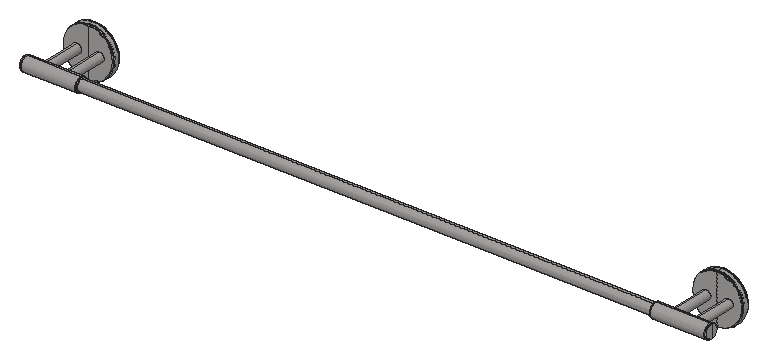
Revit family "Reece_Accessories_Milli_Marq Edit_Single Towel Rail", category Plumbing Fixtures, Revit 2018
Family settings
  Round Connector Dimension = Use Diameter
  Part Type = Normal
  Work Plane-Based = Yes
  Always vertical = Yes
  Cut with Voids When Loaded = Yes
  Shared = Yes
  Room Calculation Point = Yes
Parameters (values of type "800 mm_Brushed Gunmetal")
  URL = "https://www.reece.com.au/product/-21934"
  Type Comments = "Accessory"
  Reece_Product_Web Page = "https://www.reece.com.au/product/-21934"
  Reece_Product_Type = "Accessory"  # constant formula
  Reece_Product_Sub Brand = "Marq Edit\r\n"  # constant formula
  Reece_Product_Number = "21934"
  Reece_Product_Mount = "Wall Mounted"  # constant formula
  Reece_Product_Description = "Milli Marq Edit Single Towel Rail 800mm Brushed Gunmetal"
  Reece_Product_Brand = "Milli"  # constant formula
  Reece_Overall_Width = Reece_Fixing_Point_Width + 73 mm  # 873 mm
  Reece_Overall_Projection = 74 mm  # constant formula
  Reece_Overall_Height = 62 mm
  Reece_Material_Secondary = Reece_Brass_Brushed Gunmetal_Knurl Pattern
  Reece_Material_Main = Reece_Brass_Brushed Gunmetal
  Reece_Height_From_Level [instance] = 1000 mm
  Reece_Fixing_Point_Width = 800 mm
  Reece_Detail_Shape = ""
  Reece_Detail_Installation = ""
  Reece_Detail_Disclaimer = "THIS FILE IS THE PROPERTY OF THE REECE GROUP. IT MAY NOT BE REPRODUCED, REVERSE-ENGINEERED, OR MODIFIED. ANY REPUBLICATION, TRANSMISSION, OR DISTRIBUTION FOR THE PURPOSE OF COMMERCIALLY EXPLOITING THE FILES IS PROHIBITED."  # constant formula
  Reece_Detail_Connector = ""
  Reece_Detail_Additional = "Single Towel Rail\r\n"  # constant formula
  Model = "Marq Edit\r\n"
  Manufacturer = "Milli"
  Keynote = "Product #21934, Reece_Accessories_Milli_Marq Edit_Single Towel Rail - 800 mm_Brushed Gunmetal"
  Disclaimer = "THIS FILE IS THE PROPERTY OF THE REECE GROUP. IT MAY NOT BE REPRODUCED, REVERSE-ENGINEERED, OR MODIFIED. ANY REPUBLICATION, TRANSMISSION, OR DISTRIBUTION FOR THE PURPOSE OF COMMERCIALLY EXPLOITING THE FILES IS PROHIBITED."  # constant formula
  Description = "Milli Marq Edit Single Towel Rail 800mm Brushed Gunmetal"
  Default Elevation = 0 mm
Types (12, lengths in mm): name | URL | Reece_Product_Web Page | Reece_Product_Number | Reece_Product_Description | Reece_Overall_Width | Reece_Overall_Height | Reece_Material_Secondary | Reece_Material_Main | Reece_Fixing_Point_Width | Keynote | Description
  600 mm_Matte Black | "https://www.reece.com.au/product/-21925" | "https://www.reece.com.au/product/-21925" | "21925" | "Milli Marq Edit Single Towel Rail 600mm Matte Black" | 673 | 62 | Reece_Brass_Matte Black_Knurl Pattern | Reece_Brass_Matte Black | 600 | "Product #21925, Reece_Accessories_Milli_Marq Edit_Single Towel Rail - 600 mm_Matte Black" | "Milli Marq Edit Single Towel Rail 600mm Matte Black"
  600 mm_Chrome | "https://www.reece.com.au/product/-21924" | "https://www.reece.com.au/product/-21924" | "21924" | "Milli Marq Edit Single Towel Rail 600mm Chrome" | 673 | 62.029 | Reece_Brass_Chrome_Knurl Pattern | Reece_Brass_Chrome | 600 | "Product #21924, Reece_Accessories_Milli_Marq Edit_Single Towel Rail - 600 mm_Chrome" | "Milli Marq Edit Single Towel Rail 600mm Chrome"
  600 mm_Brushed Gunmetal | "https://www.reece.com.au/product/-21928" | "https://www.reece.com.au/product/-21928" | "21928" | "Milli Marq Edit Single Towel Rail 600mm Brushed Gunmetal" | 673 | 62 | Reece_Brass_Brushed Gunmetal_Knurl Pattern | Reece_Brass_Brushed Gunmetal | 600 | "Product #21928, Reece_Accessories_Milli_Marq Edit_Single Towel Rail - 600 mm_Brushed Gunmetal" | "Milli Marq Edit Single Towel Rail 600mm Brushed Gunmetal"
  600 mm_Brushed Nickel | "https://www.reece.com.au/product/-21926" | "https://www.reece.com.au/product/-21926" | "21926" | "Milli Marq Edit Single Towel Rail 600mm Brushed Nickel" | 673 | 62 | Reece_Brass_Brushed Nickel_Knurl Pattern | Reece_Brass_Brushed Nickel | 600 | "Product #21926, Reece_Accessories_Milli_Marq Edit_Single Towel Rail - 600 mm_Brushed Nickel" | "Milli Marq Edit Single Towel Rail 600mm Brushed Nickel"
  600 mm_Brushed Gold | "https://www.reece.com.au/product/-21927" | "https://www.reece.com.au/product/-21927" | "21927" | "Milli Marq Edit Single Towel Rail 600mm Brushed Gold" | 673 | 62 | Reece_PVD_Brushed Gold_Knurl Pattern | Reece_PVD_Brushed Gold | 600 | "Product #21927, Reece_Accessories_Milli_Marq Edit_Single Towel Rail - 600 mm_Brushed Gold" | "Milli Marq Edit Single Towel Rail 600mm Brushed Gold"
  600 mm_Brushed Bronze | "https://www.reece.com.au/product/-21929" | "https://www.reece.com.au/product/-21929" | "21929" | "Milli Marq Edit Single Towel Rail 600mm Brushed Bronze" | 673 | 62 | Reece_PVD_Brushed Bronze_Knurl Pattern | Reece_PVD_Brushed Bronze | 600 | "Product #21929, Reece_Accessories_Milli_Marq Edit_Single Towel Rail - 600 mm_Brushed Bronze" | "Milli Marq Edit Single Towel Rail 600mm Brushed Bronze"
  800 mm_Matte Black | "https://www.reece.com.au/product/-21931" | "https://www.reece.com.au/product/-21931" | "21931" | "Milli Marq Edit Single Towel Rail 800mm Matte Black" | 873 | 62 | Reece_Brass_Matte Black_Knurl Pattern | Reece_Brass_Matte Black | 800 | "Product #21931, Reece_Accessories_Milli_Marq Edit_Single Towel Rail - 800 mm_Matte Black" | "Milli Marq Edit Single Towel Rail 800mm Matte Black"
  800 mm_Brushed Nickel | "https://www.reece.com.au/product/-21932" | "https://www.reece.com.au/product/-21932" | "21932" | "Milli Marq Edit Single Towel Rail 800mm Brushed Nickel" | 873 | 62 | Reece_Brass_Brushed Nickel_Knurl Pattern | Reece_Brass_Brushed Nickel | 800 | "Product #21932, Reece_Accessories_Milli_Marq Edit_Single Towel Rail - 800 mm_Brushed Nickel" | "Milli Marq Edit Single Towel Rail 800mm Brushed Nickel"
  800 mm_Brushed Gunmetal | "https://www.reece.com.au/product/-21934" | "https://www.reece.com.au/product/-21934" | "21934" | "Milli Marq Edit Single Towel Rail 800mm Brushed Gunmetal" | 873 | 62 | Reece_Brass_Brushed Gunmetal_Knurl Pattern | Reece_Brass_Brushed Gunmetal | 800 | "Product #21934, Reece_Accessories_Milli_Marq Edit_Single Towel Rail - 800 mm_Brushed Gunmetal" | "Milli Marq Edit Single Towel Rail 800mm Brushed Gunmetal"
  800 mm_Brushed Gold | "https://www.reece.com.au/product/-21933" | "https://www.reece.com.au/product/-21933" | "21933" | "Milli Marq Edit Single Towel Rail 800mm Brushed Gold" | 873 | 62 | Reece_PVD_Brushed Gold_Knurl Pattern | Reece_PVD_Brushed Gold | 800 | "Product #21933, Reece_Accessories_Milli_Marq Edit_Single Towel Rail - 800 mm_Brushed Gold" | "Milli Marq Edit Single Towel Rail 800mm Brushed Gold"
  800 mm_Brushed Bronze | "https://www.reece.com.au/product/-21935" | "https://www.reece.com.au/product/-21935" | "21935" | "Milli Marq Edit Single Towel Rail 800mm Brushed Bronze" | 873 | 62 | Reece_PVD_Brushed Bronze_Knurl Pattern | Reece_PVD_Brushed Bronze | 800 | "Product #21935, Reece_Accessories_Milli_Marq Edit_Single Towel Rail - 800 mm_Brushed Bronze" | "Milli Marq Edit Single Towel Rail 800mm Brushed Bronze"
  800 mm_Chrome | "https://www.reece.com.au/product/-21930" | "https://www.reece.com.au/product/-21930" | "21930" | "Milli Marq Edit Single Towel Rail 800mm Chrome" | 873 | 62 | Reece_Brass_Chrome_Knurl Pattern | Reece_Brass_Chrome | 800 | "Product #21930, Reece_Accessories_Milli_Marq Edit_Single Towel Rail - 800 mm_Chrome" | "Milli Marq Edit Single Towel Rail 800mm Chrome"
Reference planes
  plane 1 "Center (Front/Back)": y = 0
  plane 2 "Bottom Host Plane": z = -5
  plane 3 "Center (Left/Right)": x = 0
  plane 4 "height from level": z = 1000
  plane 5: y = -74
  plane 6: z = 1031
  plane 7: z = 969
  plane 8 "L_CTR": x = -400
  plane 9 "R_CTR": x = 400
  plane 10: x = -436.5
  plane 11: x = 436.5
  plane 12 "Center L/U": x = -414.25
  plane 13 "Center L/V": x = -385.75
  plane 14 "Center L/W": x = 414.25
  plane 15 "Center L/X": x = 385.75
  plane 16 "RAIL 1_CTR": y = -65
Forms (mm)
  Revolve 1, solid, material "Reece_Brass_Brushed Gunmetal" <- "Reece_Material_Main"
    sketch origin (-400, 0, 0) x (0, 0, 1) y (0, -1, 0)
      loop
        line (1000, 0) -> (1030.985, 0) -> (1030.985, 1) -> (1031.985, 2) -> (1000, 2) -> (1000, 0)
      loop
        line (1000, 10) -> (1000, 8) -> (1031.985, 8) -> (1030.985, 9) -> (1030.985, 10) -> (1000, 10)
      axis (1000, 0) -> (1000, 10)
    angle from 0 to 360
  Revolve 2, solid, material "Reece_Brass_Brushed Gunmetal_Knurl Pattern" <- "Reece_Material_Secondary"
    sketch origin (-400, 0, 0) x (0, 0, 1) y (0, -1, 0)
      loop
        line (1000, 2) -> (1031.985, 2) -> (1031.985, 8) -> (1000, 8) -> (1000, 2)
      axis (1000, 2) -> (1000, 8)
    angle from 0 to 360
  Revolve 3, solid, material "Reece_Brass_Brushed Gunmetal" <- "Reece_Material_Main"
    sketch origin (400, 0, 0) x (0, 0, 1) y (0, -1, 0)
      loop
        line (1000, 0) -> (1030.985, 0) -> (1030.985, 1) -> (1031.985, 2) -> (1000, 2) -> (1000, 0)
      loop
        line (1000, 10) -> (1000, 8) -> (1031.985, 8) -> (1030.985, 9) -> (1030.985, 10) -> (1000, 10)
      axis (1000, 0) -> (1000, 10)
    angle from 0 to 360
  Revolve 4, solid, material "Reece_Brass_Brushed Gunmetal_Knurl Pattern" <- "Reece_Material_Secondary"
    sketch origin (400, 0, 0) x (0, 0, 1) y (0, -1, 0)
      loop
        line (1000, 2) -> (1031.985, 2) -> (1031.985, 8) -> (1000, 8) -> (1000, 2)
      axis (1000, 2) -> (1000, 8)
    angle from 0 to 360
  Revolve 5, void
    sketch origin (-400, 0, 0) x (0, 0, 1) y (0, -1, 0)
      loop
        line (966.821, 3) -> (969, 3) -> (969, 5) -> (966.821, 5) -> (966.821, 3)
      axis (969, 5) -> (966.821, 5)
    angle from 0 to 360
  Revolve 6, void
    sketch origin (400, 0, 0) x (0, 0, 1) y (0, -1, 0)
      loop
        line (965.427, 3) -> (969, 3) -> (969, 5) -> (965.427, 5) -> (965.427, 3)
      axis (969, 5) -> (965.427, 5)
    angle from 0 to 360
  Extrusion 7, solid, material "Reece_Brass_Brushed Gunmetal" <- "Reece_Material_Main"
    sketch origin (-400, -10, 1000) x (0, 0, 1) y (-1, 0, 0)
      loop
        circle (0, 14.25) r 5.5
      loop
        circle (0, -14.25) r 5.5
      loop
        circle (0, -814.25) r 5.5
      loop
        circle (0, -785.75) r 5.5
    from 0 to 55
  Revolve 8, solid, material "Reece_Brass_Brushed Gunmetal_Knurl Pattern" <- "Reece_Material_Secondary"
    sketch origin (0, -65, 0) x (0, 0, 1) y (-1, 0, 0)
      loop
        line (1009, 434.5) -> (1000, 434.5) -> (1000, 365.5) -> (1009, 365.5) -> (1009, 434.5)
      loop
        line (1009, -434.5) -> (1009, -365.5) -> (1000, -365.5) -> (1000, -434.5) -> (1009, -434.5)
      axis (1000, 434.5) -> (1000, -434.5)
    angle from 0 to 360
  Revolve 9, solid, material "Reece_Brass_Brushed Gunmetal" <- "Reece_Material_Main"
    sketch origin (0, -65, 0) x (0, 0, 1) y (-1, 0, 0)
      loop
        line (1008, 436.5) -> (1000, 436.5) -> (1000, 434.5) -> (1009, 434.5) -> (1008, 435.5) -> (1008, 436.5)
      loop
        line (1008, 364.5) -> (1009, 365.5) -> (1000, 365.5) -> (1000, -365.5) -> (1009, -365.5) -> (1008, -364.5) -> (1007, -364.5) -> (1007, 364.5) -> (1008, 364.5)
      loop
        line (1008, -436.5) -> (1008, -435.5) -> (1009, -434.5) -> (1000, -434.5) -> (1000, -436.5) -> (1008, -436.5)
      axis (1000, 436.5) -> (1000, -436.5)
    angle from 0 to 360
  Extrusion 10, void
    sketch origin (-400, -10, 1000) x (0, 0, 1) y (-1, 0, 0)
      loop
        circle (0, 14.25) r 5.5
      loop
        circle (0, -14.25) r 5.5
      loop
        circle (0, -814.25) r 5.5
      loop
        circle (0, -785.75) r 5.5
    from 0 to 55
  Revolve 11, solid, material "Reece_Brass_Brushed Gunmetal" <- "Reece_Material_Main"
    sketch origin (-400, 0, 0) x (0, 0, 1) y (0, -1, 0)
      loop
        line (968, 3.546) -> (969, 3) -> (969, 5) -> (968, 5) -> (968, 3.546)
      axis (969, 5) -> (968, 5)
    angle from 0 to 360
  Extrusion 12, void
    sketch origin (-400, -5, 968) x (0, 1, 0) y (1, 0, 0)
      loop
        line (0, 0.8) -> (-0.693, 0.4) -> (-0.693, -0.4) -> (0, -0.8) -> (0.693, -0.4) -> (0.693, 0.4) -> (0, 0.8)
    from 0 to -0.8
  Revolve 13, solid, material "Reece_Brass_Brushed Gunmetal" <- "Reece_Material_Main"
    sketch origin (400, -1524, 30.921) x (0, 0, 1) y (0, -1, 0)
      loop
        line (937.079, -1520.454) -> (938.079, -1521) -> (938.079, -1519) -> (937.079, -1519) -> (937.079, -1520.454)
      axis (938.079, -1519) -> (937.079, -1519)
    angle from 0 to 360
  Extrusion 14, void
    sketch origin (400, -5, 968) x (1, 0, 0) y (0, -1, 0)
      loop
        line (-0.8, 0) -> (-0.4, -0.693) -> (0.4, -0.693) -> (0.8, 0) -> (0.4, 0.693) -> (-0.4, 0.693) -> (-0.8, 0)
    from 0 to -0.8
Cuts and joins
  Revolve 5 cuts Revolve 2
  Revolve 6 cuts Revolve 4
  Extrusion 10 cuts Revolve 8
  Extrusion 12 cuts Revolve 11
  Extrusion 14 cuts Revolve 13
Lines and regions (mm)
  model lines, style "InvisibleLines"
    curve 1: line (0, 0, 1000) -> (0, 0, -5)
Text (mm)
  text "Reece ©" at (2630.801, -2175.427, 3210.585), in view "Reece Preview"
  text "Reece ©" at (-402.991, -18.587, 0), in view "Ref. Level"
Dimensions and locks
  "Reece_Height_From_Level": plane 4 "height from level" to level
  locked: plane 2 "Bottom Host Plane" to level at 5
  "Reece_Overall_Projection": plane 1 "Center (Front/Back)" to plane 5
  equal spacing: plane 6, plane 4 "height from level", plane 7
  "Reece_Overall_Height": plane 6 to plane 7
  equal spacing: plane 9 "R_CTR", plane 3 "Center (Left/Right)", plane 8 "L_CTR"
  "Reece_Fixing_Point_Width": plane 9 "R_CTR" to plane 8 "L_CTR"
  equal spacing: plane 11, plane 3 "Center (Left/Right)", plane 10
  "Reece_Overall_Width": plane 11 to plane 10
  plane 13 "Center L/V" to plane 8 "L_CTR" to plane 12 "Center L/U" = 14.25 mm locked, 14.25 mm locked
  plane 15 "Center L/X" to plane 9 "R_CTR" to plane 14 "Center L/W" = 14.25 mm locked, 14.25 mm locked
  Extrusion 7 sketch curve to plane 12 "Center L/U" to Extrusion 7 sketch curve = 5.5 mm locked, 5.5 mm locked
  Extrusion 7 sketch curve to plane 13 "Center L/V" to Extrusion 7 sketch curve = 5.5 mm locked, 5.5 mm locked
  Extrusion 7 sketch curve to plane 14 "Center L/W" to Extrusion 7 sketch curve = 5.5 mm locked, 5.5 mm locked
  Extrusion 7 sketch curve to plane 15 "Center L/X" to Extrusion 7 sketch curve = 5.5 mm locked, 5.5 mm locked
  Extrusion 7 sketch curve to plane 4 "height from level" to Extrusion 7 sketch curve = 5.5 mm locked, 5.5 mm locked  (x2)
  locked: plane 16 "RAIL 1_CTR" to plane 5 at 9
  locked: Revolve 8 sketch curve to Revolve 8 sketch curve at 69  (x2)
  Revolve 9 sketch curve to Revolve 9 sketch curve to Revolve 9 sketch curve to Revolve 9 sketch curve = 1 mm locked, 69 mm locked, 1 mm locked  (x2)
  Extrusion 10 sketch curve to plane 12 "Center L/U" to Extrusion 10 sketch curve = 5.5 mm locked, 5.5 mm locked
  Extrusion 10 sketch curve to plane 13 "Center L/V" to Extrusion 10 sketch curve = 5.5 mm locked, 5.5 mm locked
  Extrusion 10 sketch curve to plane 14 "Center L/W" to Extrusion 10 sketch curve = 5.5 mm locked, 5.5 mm locked
  Extrusion 10 sketch curve to plane 15 "Center L/X" to Extrusion 10 sketch curve = 5.5 mm locked, 5.5 mm locked
  Extrusion 10 sketch curve to plane 4 "height from level" to Extrusion 10 sketch curve = 5.5 mm locked, 5.5 mm locked  (x2)
  Extrusion 12 sketch curve to plane 8 "L_CTR" to Extrusion 12 sketch curve = 0.8 mm locked, 0.8 mm locked
  locked: plane 7 to Revolve 11 sketch curve at 1
  locked: Revolve 13 sketch curve to plane 7 at 1
  Extrusion 14 sketch curve to Extrusion 14 sketch curve to plane 9 "R_CTR" to Extrusion 14 sketch curve to Extrusion 14 sketch curve = 0.4 mm locked, 0.4 mm locked, 0.4 mm locked, 0.4 mm locked
  Extrusion 14 sketch curve to plane 9 "R_CTR" to Extrusion 14 sketch curve = 0.4 mm locked, 0.4 mm locked
  aligned and locked: plane 4 "height from level" to curve 1
  aligned and locked: plane 2 "Bottom Host Plane" to curve 1
  aligned and locked: plane 3 "Center (Left/Right)" to curve 1
  aligned and locked: Revolve 1 sketch curve to plane 4 "height from level"
  aligned and locked: Revolve 3 sketch curve to plane 4 "height from level"
  aligned and locked: plane 4 "height from level" to Revolve 4 sketch curve
  aligned and locked: Revolve 2 sketch curve to plane 4 "height from level"
  aligned and locked: plane 16 "RAIL 1_CTR" to Extrusion 7
  aligned and locked: plane 7 to Revolve 11 sketch curve
  aligned and locked: Revolve 13 sketch curve to plane 7
  aligned and locked: Revolve 3 to Extrusion 7
  aligned and locked: Extrusion 7 to Revolve 1
Automatic sketch dimensions
  Revolve 8 sketch curve to plane 4 "height from level" = 0 mm  (x3)
  Revolve 8 sketch curve to Revolve 8 sketch curve = 9 mm  (x2)
  Revolve 8 sketch curve to plane 11 = 2 mm
  Revolve 8 sketch curve to plane 13 "Center L/V" = 20.25 mm
  plane 11 to Revolve 8 sketch curve = 206.117 mm
  Revolve 8 sketch curve to plane 10 = 260.883 mm
  Revolve 9 sketch curve to plane 4 "height from level" = 0 mm  (x4)
  Revolve 9 sketch curve to plane 10 = 0 mm
  Revolve 9 sketch curve to plane 11 = 0 mm
  plane 4 "height from level" to Revolve 9 sketch curve = 7 mm
  Revolve 9 sketch curve to Revolve 9 sketch curve = 1 mm  (x6)
  Revolve 9 sketch curve to plane 11 = 1 mm
  plane 4 "height from level" to Revolve 9 sketch curve = 8 mm
  Revolve 9 sketch curve to Revolve 9 sketch curve = 8 mm
  Revolve 9 sketch curve to plane 13 "Center L/V" = 21.25 mm
  Revolve 9 sketch curve to plane 14 "Center L/W" = 9.656 mm
  Revolve 9 sketch curve to Revolve 9 sketch curve = 60.883 mm
  Revolve 1 sketch curve to plane 1 "Center (Front/Back)" = 0 mm
  Revolve 1 sketch curve to plane 4 "height from level" = 0 mm  (x2)
  Revolve 1 sketch curve to plane 6 = 0.015 mm  (x2)
  plane 6 to Revolve 1 sketch curve = 0.985 mm  (x2)
  plane 1 "Center (Front/Back)" to Revolve 1 sketch curve = 1 mm
  plane 1 "Center (Front/Back)" to Revolve 1 sketch curve = 2 mm
  Revolve 1 sketch curve to Revolve 1 sketch curve = 6 mm
  Revolve 1 sketch curve to Revolve 1 sketch curve = 1 mm
  Revolve 1 sketch curve to Revolve 1 sketch curve = 2 mm
  Revolve 1 sketch curve to Revolve 1 sketch curve = 57.654 mm
  Revolve 1 sketch curve to plane 16 "RAIL 1_CTR" = 12.654 mm
  Revolve 2 sketch curve to plane 4 "height from level" = 0 mm
  plane 6 to Revolve 2 sketch curve = 0.985 mm
  plane 1 "Center (Front/Back)" to Revolve 2 sketch curve = 2 mm
  Revolve 2 sketch curve to Revolve 2 sketch curve = 6 mm
  Revolve 2 sketch curve to plane 1 "Center (Front/Back)" = 13.945 mm
  Revolve 2 sketch curve to Revolve 2 sketch curve = 0 mm
  Revolve 4 sketch curve to plane 4 "height from level" = 0 mm
  Revolve 4 sketch curve to plane 6 = 0.985 mm
  Revolve 4 sketch curve to plane 1 "Center (Front/Back)" = 2 mm
  Revolve 4 sketch curve to Revolve 4 sketch curve = 6 mm
  plane 1 "Center (Front/Back)" to Revolve 4 sketch curve = 13.945 mm
  Revolve 4 sketch curve to Revolve 4 sketch curve = 0 mm
  Revolve 5 sketch curve to plane 7 = 0 mm
  Revolve 5 sketch curve to Revolve 5 sketch curve = 2.179 mm
  plane 1 "Center (Front/Back)" to Revolve 5 sketch curve = 3 mm
  Revolve 5 sketch curve to Revolve 5 sketch curve = 2 mm
  Revolve 5 sketch curve to Revolve 5 sketch curve = 0.352 mm
  plane 7 to Revolve 5 sketch curve = 1.041 mm
  Revolve 5 sketch curve to Revolve 5 sketch curve = 0 mm
  Revolve 6 sketch curve to plane 7 = 0 mm
  plane 7 to Revolve 6 sketch curve = 3.573 mm
  Revolve 6 sketch curve to plane 1 "Center (Front/Back)" = 3 mm
  Revolve 6 sketch curve to Revolve 6 sketch curve = 2 mm
  Revolve 6 sketch curve to Revolve 6 sketch curve = 1.042 mm
  Revolve 6 sketch curve to Revolve 6 sketch curve = 1.041 mm
  Revolve 6 sketch curve to Revolve 6 sketch curve = 0 mm
  plane 1 "Center (Front/Back)" to Revolve 11 sketch curve = 3 mm
  Revolve 11 sketch curve to Revolve 11 sketch curve = 0.546 mm
  Revolve 11 sketch curve to Revolve 11 sketch curve = 1.454 mm
  Revolve 11 sketch curve to Revolve 11 sketch curve = 1.531 mm
  plane 7 to Revolve 11 sketch curve = 1.041 mm
  Revolve 11 sketch curve to Revolve 11 sketch curve = 0 mm
  Extrusion 12 sketch curve to Revolve 11 = 0.4 mm  (x2)
  Extrusion 12 sketch curve to Extrusion 12 sketch curve = 0.693 mm  (x3)
  Revolve 11 to Extrusion 12 sketch curve = 0.4 mm  (x2)
  Revolve 13 sketch curve to plane 1 "Center (Front/Back)" = 3 mm
  Revolve 13 sketch curve to Revolve 13 sketch curve = 0.546 mm
  Revolve 13 sketch curve to Revolve 13 sketch curve = 1.454 mm
  Revolve 13 sketch curve to Revolve 13 sketch curve = 1.531 mm
  Revolve 13 sketch curve to Revolve 13 sketch curve = 1.041 mm
  Revolve 13 sketch curve to Revolve 13 sketch curve = 0 mm
  Extrusion 14 sketch curve to Extrusion 14 sketch curve = 0.693 mm  (x3)
  Revolve 3 sketch curve to plane 1 "Center (Front/Back)" = 0 mm
  Revolve 3 sketch curve to plane 4 "height from level" = 0 mm  (x2)
  plane 6 to Revolve 3 sketch curve = 0.015 mm  (x2)
  Revolve 3 sketch curve to plane 6 = 0.985 mm  (x2)
  Revolve 3 sketch curve to Revolve 3 sketch curve = 1 mm  (x2)
  Revolve 3 sketch curve to Revolve 3 sketch curve = 2 mm  (x2)
  plane 1 "Center (Front/Back)" to Revolve 3 sketch curve = 57.654 mm
  plane 16 "RAIL 1_CTR" to Revolve 3 sketch curve = 12.654 mm
  Revolve 3 sketch curve to Revolve 3 sketch curve = 6 mm
